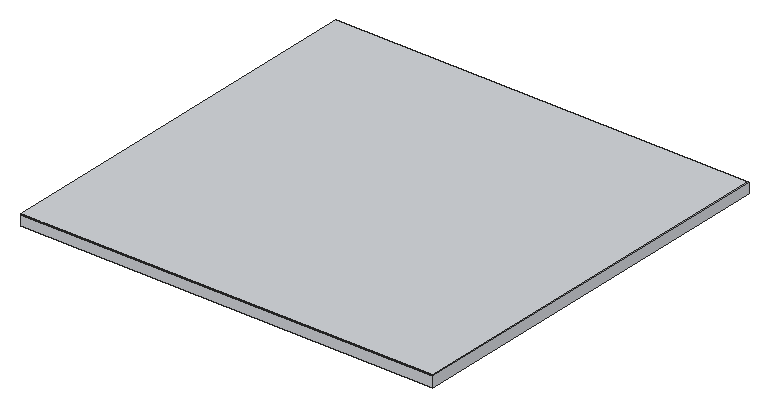
Revit family "Cab_Bottom", category Casework, Revit 2019
Family settings
  Work Plane-Based = No
  Always vertical = Yes
  Cut with Voids When Loaded = No
  Shared = No
  Room Calculation Point = No
Parameters
  oW = 2' - 4"
  oH = 0' - 0 3/4"
  oD = 2' - 2.77352"
Reference planes (in)
  plane 1 "Center (Front/Back)": y = 0
  plane 2: z = 0
  plane 3 "Center (Left/Right)": x = 0
  plane 4: y = -26.77352
  plane 5: x = -14
  plane 6: x = 14
  plane 7: z = -0.75
  plane 8: z = -0.0625
Forms (in)
  Sweep 1, solid
    path origin (0, 0, 0) x (1, 0, 0) y (0, 1, 0)
      loop
        line (0, -26.77352) -> (0, 0)
    profile origin (0, -13.38676, 0) x (-1, 0, 0) y (0, 0, 1)
      loop
        line (14, -0.0625) -> (-14, -0.0625) -> (-14, -0.75) -> (14, -0.75) -> (14, -0.0625)
  Sweep 2, solid
    path origin (0, 0, 0) x (1, 0, 0) y (0, 1, 0)
      loop
        line (0, -26.77352) -> (0, 0)
    profile origin (0, -13.38676, 0) x (-1, 0, 0) y (0, 0, 1)
      loop
        line (14, 0) -> (-14, 0) -> (-14, -0.0625) -> (14, -0.0625) -> (14, 0)
Dimensions and locks (in)
  equal spacing: plane 5, plane 3 "Center (Left/Right)", plane 6
  "oD": plane 4 to plane 1 "Center (Front/Back)"
  "oW": plane 5 to plane 6
  "oH": level to plane 7
  locked: plane 2 to plane 8 at 0.0625
  aligned and locked: plane 2 to level
  aligned and locked: plane 1 "Center (Front/Back)" to Sweep 1 sketch curve
  aligned and locked: plane 4 to Sweep 1 sketch curve
  aligned and locked: plane 3 "Center (Left/Right)" to Sweep 1 sketch curve
  aligned and locked: Sweep 1 sketch curve to plane 6
  aligned and locked: Sweep 1 sketch curve to plane 5
  aligned and locked: plane 7 to Sweep 1 sketch curve
  aligned and locked: Sweep 2 sketch curve to level
  aligned and locked: Sweep 2 sketch curve to plane 5
  aligned and locked: plane 6 to Sweep 2 sketch curve
  aligned and locked: plane 8 to Sweep 2 sketch curve
  aligned and locked: Sweep 1 sketch curve to plane 8
  aligned and locked: plane 4 to nested 1
  aligned and locked: plane 1 "Center (Front/Back)" to nested 1
  aligned and locked: plane 7 to nested 1
Automatic sketch dimensions
  plane 1 "Center (Front/Back)" to Sweep 2 sketch curve = 0' - 0"
  Sweep 2 sketch curve to plane 3 "Center (Left/Right)" = 0' - 0"
  Sweep 2 sketch curve to plane 4 = 0' - 0"
Nested families (in)
  nested 1: "Plywood" at (0, 0, -0.75) x (0, -1, 0) z (1, 0, 0), type "Plywood", detail levels fine
    with built-in parameter 1001306 2.2311 (stored number, unit not read)
Definition of nested family "Plywood"
  Parameters (values of type "Plywood")
    oD = 0' - 0 3/4"
    built-in parameter 1001306 [instance] = 4' - 0"
  Reference planes (in)
    plane 1 "Center (Front/Back)": y = 0
    plane 2: z = 0
    plane 3 "Left": x = 0
    plane 4 "Right": x = 48
    plane 5: y = -0.75
  Lines and regions (in)
    Filled region 1, type "SKA Plywood Horizontal TR", in view "Ref. Level"
      outline origin (0, 0, 0) x (1, 0, 0) y (0, 1, 0)
        loop
          line (0, 0) -> (0, -0.75) -> (48, -0.75) -> (48, 0) -> (0, 0)
    reference lines, in view "Ref. Level"
      curve 1: line (0, 0, 0) -> (48, 0, 0)
  Dimensions and locks (in)
    "built-in parameter 1001306": plane 3 "Left" to plane 4 "Right"
    "oD": plane 5 to plane 1 "Center (Front/Back)"
    aligned and locked: plane 1 "Center (Front/Back)" to curve 1
    aligned and locked: plane 4 "Right" to curve 1
    aligned and locked: plane 3 "Left" to curve 1
    aligned and locked: Filled region 1 sketch curve to curve 1
    aligned and locked: plane 3 "Left" to Filled region 1 sketch curve
    aligned and locked: plane 5 to Filled region 1 sketch curve
    aligned and locked: plane 4 "Right" to Filled region 1 sketch curve
